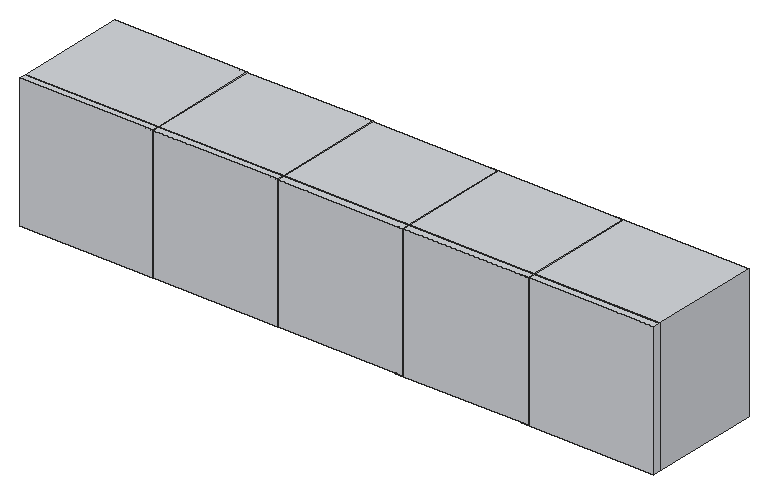
Revit family "Box2", category Casework, Revit 2024
Family settings
  Work Plane-Based = No
  Always vertical = Yes
  Cut with Voids When Loaded = No
  Shared = No
  Room Calculation Point = No
Parameters
  Xaxis_Width1 [instance] = 2650 mm
  X1 [instance] = (BoxWidth_Xaxis + BoxPanel_Width)  # 530 mm
  SideWidth [instance] = 500 mm
  Default Elevation = 0 mm
  Count_Xaxis [instance] = 5
  BoxWidth_Yaxis [instance] = 500 mm
  BoxWidth_Xaxis [instance] = 500 mm
  BoxPanel_Width [instance] = 30 mm
  BackPanel_Width [instance] = 30 mm
Reference planes
  plane 1 "Center (Front/Back)": y = 0
  plane 2: z = 0
  plane 3 "Center (Left/Right)": x = 0
  plane 4: x = 530
  plane 5: x = 2650
  plane 6: y = 419.703
  plane 7: y = 359.703
Dimensions and locks
  equal spacing: group 1, group 2, group 3, group 4, group 5  (x3)
  "X1": plane 4 to plane 3 "Center (Left/Right)"
  "Xaxis_Width1": plane 5 to plane 3 "Center (Left/Right)"
  plane 6 to plane 7 = 60 mm
  aligned and locked: level to plane 2
  aligned and locked: plane 3 "Center (Left/Right)" to nested 1
  aligned and locked: nested 1 to level
  aligned and locked: nested 2 to level
  aligned and locked: plane 4 to nested 2
  aligned and locked: plane 1 "Center (Front/Back)" to nested 1
  aligned and locked: plane 1 "Center (Front/Back)" to nested 2
Nested families
  nested 1: "Box1" at (0, 0, 0), BoxWidth_Xaxis <- "BoxWidth_Xaxis", BoxWidth_Yaxis <- "BoxWidth_Yaxis", BoxPanel_Width <- "BoxPanel_Width", Side_Width <- "SideWidth", BackPanel_Width <- "BackPanel_Width", type "Box1"
    with BackPanel_Width 30 mm
  nested 2: "Box1" at (530, 0, 0), BoxWidth_Xaxis <- "BoxWidth_Xaxis", BoxWidth_Yaxis <- "BoxWidth_Yaxis", BoxPanel_Width <- "BoxPanel_Width", Side_Width <- "SideWidth", BackPanel_Width <- "BackPanel_Width", type "Box1"
    with BackPanel_Width 30 mm
  nested 3: "Box1" at (1060, 0, 0), BoxWidth_Xaxis <- "BoxWidth_Xaxis", BoxWidth_Yaxis <- "BoxWidth_Yaxis", BoxPanel_Width <- "BoxPanel_Width", Side_Width <- "SideWidth", BackPanel_Width <- "BackPanel_Width", type "Box1"
    with BackPanel_Width 30 mm
  nested 4: "Box1" at (1590, 0, 0), BoxWidth_Xaxis <- "BoxWidth_Xaxis", BoxWidth_Yaxis <- "BoxWidth_Yaxis", BoxPanel_Width <- "BoxPanel_Width", Side_Width <- "SideWidth", BackPanel_Width <- "BackPanel_Width", type "Box1"
    with BackPanel_Width 30 mm
  nested 5: "Box1" at (2120, 0, 0), BoxWidth_Xaxis <- "BoxWidth_Xaxis", BoxWidth_Yaxis <- "BoxWidth_Yaxis", BoxPanel_Width <- "BoxPanel_Width", Side_Width <- "SideWidth", BackPanel_Width <- "BackPanel_Width", type "Box1"
    with BackPanel_Width 30 mm
Definition of nested family "Box1"
  Parameters (values of type "Box1")
    BoxWidth_Yaxis [instance] = 500 mm
    BoxWidth_Xaxis [instance] = 500 mm
    Side_Width [instance] = 500 mm
    BoxPanel_Width [instance] = 30 mm
    Default Elevation = 0 mm
    BackPanel_Width [instance] = 30 mm
  Reference planes
    plane 1 "Back": y = 0
    plane 2: z = 0
    plane 3 "Center (Left/Right)": x = 0
    plane 4: x = 560
    plane 5: z = 560
    plane 6: z = 530
    plane 7: x = 530
    plane 8: x = 30
    plane 9: z = 30
    plane 10: y = 500
    plane 11: y = 30
  Forms (mm)
    Extrusion 1, solid
      sketch origin (0, 0, 0) x (1, 0, 0) y (0, 0, 1)
        loop
          line (0, 560) -> (0, 0) -> (560, 0) -> (560, 560) -> (0, 560)
        loop
          line (30, 530) -> (30, 30) -> (530, 30) -> (530, 530) -> (30, 530)
      from -30 to -500
    Extrusion 2, solid
      sketch origin (0, 0, 0) x (1, 0, 0) y (0, 0, 1)
        loop
          line (0, 560) -> (0, 0) -> (560, 0) -> (560, 560) -> (0, 560)
      from 0 to -30
  Dimensions and locks
    "BoxPanel_Width": plane 5 to plane 6
    "BoxPanel_Width": plane 9 to level
    "BoxPanel_Width": plane 8 to plane 3 "Center (Left/Right)"
    "BoxPanel_Width": plane 4 to plane 7
    "Side_Width": plane 10 to plane 1 "Back"
    "BoxWidth_Xaxis": plane 7 to plane 8
    "BoxWidth_Yaxis": plane 6 to plane 9
    "BackPanel_Width": plane 11 to plane 1 "Back"
    aligned and locked: level to plane 2
    aligned and locked: Extrusion 1 sketch curve to plane 5
    aligned and locked: plane 3 "Center (Left/Right)" to Extrusion 1 sketch curve
    aligned and locked: plane 2 to Extrusion 1 sketch curve
    aligned and locked: Extrusion 1 sketch curve to plane 4
    aligned and locked: Extrusion 1 sketch curve to plane 6
    aligned and locked: plane 8 to Extrusion 1 sketch curve
    aligned and locked: plane 9 to Extrusion 1 sketch curve
    aligned and locked: Extrusion 1 sketch curve to plane 7
    aligned and locked: plane 10 to Extrusion 1
    aligned and locked: plane 11 to Extrusion 1
    aligned and locked: Extrusion 2 sketch curve to Extrusion 1  (x4)
    aligned and locked: Extrusion 2 to plane 1 "Back"
    aligned and locked: Extrusion 2 to plane 11
